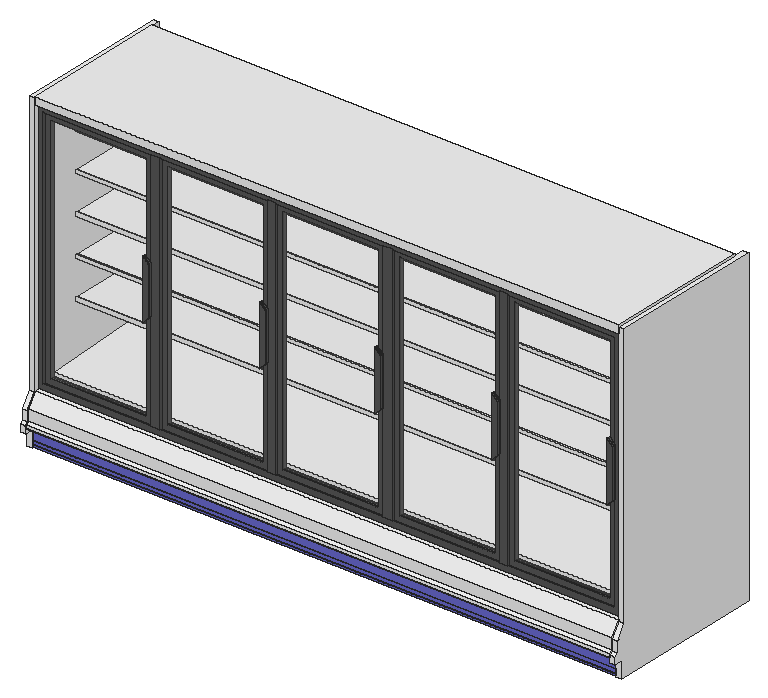
Revit family
Parameters (values of type "RL-5 Door Innov. II")
  Width = 150 3/8"
  Voltage [instance] = 120 V
  URL = "www.hussmann.com"
  Type Comments = "MT Reach-In Merchandiser"
  Temp Sensor [instance] = "Low Voltage"
  Telephone = no
  System Control [instance] = "1.00 A"
  Standard Right End Cap On/Off [instance] = yes
  Standard Left End Cap On/Off [instance] = yes
  Revit Family Dates = "3/6/12PMA(0911)"
  Refrigerant Suction Connection Diameter = 7/8"
  Refrigerant Liquid Connection Diameter = 3/8"
  Phase [instance] = 1
  Number of Shelves = 0
  Model = "RM-5"
  Mirrored Right End Cap On/Off [instance] = no
  Mirrored Left End Cap On/Off [instance] = no
  Manufacturer = "Hussmann Corporation"
  Linear Shelf Length = 0"
  Height = 82 3/8"
  Front Height = 13"
  Frequency [instance] = 60 Hz
  Finish_Top [instance] = none
  Finish_Shelf [instance] = Stainless Steel
  Finish_Handle = Metal Black-Door
  Finish_Glass [instance] = Glass 2
  Finish_Frame = Metal Black-Door
  Finish_Door [instance] = Metal Black-Door
  Finish_Case [instance] = Stainless Steel
  Finish_Bumper [instance] = Metal Blue-trim
  Finish_Base [instance] = Stainless Steel
  EMS = no
  Drain Pipe Size = "1 1/4\""
  Description = "Low Temperature Reach-in(Food or Ice Cream)"
  Depth = 43 3/4"
  Data = "N/A"
  Copper-Suction = Copper
  Copper-Liquid [instance] = Copper
  Case Lights Amps [instance] = "0.90 A"
  Case Lights [instance] = 0.9 A
  Case Fans-MCA [instance] = 2.7 A
  Case Fans (MCA) [instance] = "2.70 A"
  Assembly Code = ""
  Accessories/Options = ""
Reference planes (in)
  plane 1 "Center (Front/Back)": y = 0
  plane 2: z = 0
  plane 3: y = -41.625
  plane 4: z = 13
  plane 5: z = 80
  plane 6: z = 82
  plane 7: y = -32
  plane 8: y = -43.75
  plane 9: y = -40.75
  plane 10: x = -77.30699
  plane 11: x = 76.06801
  plane 12: y = -40
  plane 13: y = -39.25
  plane 14: y = -43.75
  plane 15: x = -0.61949
  plane 16: x = 71.06801
  plane 17: y = -32
  plane 18: y = -37
  plane 19: y = -34.625
Forms (in)
  Extrusion 1, solid, material "Stainless Steel" <- "Finish_Case"
    sketch origin (-77.30699, 0, 0) x (0, 1, 0) y (0, 0, 1)
      loop
        line (-5, 4.26162) -> (-2.5, 6.76162) -> (-2.5, 82) -> (-40.75, 82) -> (-40.75, 80) -> (-5.5, 80) -> (-5.5, 7.93702) -> (-32.09633, 7.00826) -> (-33.05546, 6.04913) -> (-36.55546, 6.04913) -> (-38.5, 7.99367) -> (-40.75, 7.99367) -> (-40.75, 5.99367) -> (-37.75, 4.26162) -> (-5, 4.26162)
    from 0 to 153.375
  Extrusion 2, solid, material "Stainless Steel" <- "Finish_Case"
    sketch origin (-77.30699, 0, 0) x (0, 1, 0) y (0, 0, 1)
      loop
        line (-37.25, 13) -> (-40.75, 12.69379) -> (-43.04431, 9.41718) -> (-43.04431, 6.66718) -> (-43.75, 5.96149) -> (-43.75, 5.08872) -> (-42.58027, 4.2259) -> (-40.75, 5.99367) -> (-40.75, 7.99367) -> (-37.25, 7.99367) -> (-37.25, 13)
    from 0 to 153.375
  Extrusion 3, solid, material "Stainless Steel" <- "Finish_Case"
    sketch origin (-77.30699, 0, 0) x (0, 1, 0) y (0, 0, 1)
      loop
        line (-2.5, 3.88662) -> (0, 3.88662) -> (0, 49.76162) -> (-2.5, 49.76162) -> (-2.5, 3.88662)
    from 0 to 153.375
  Extrusion 4, solid, material "Stainless Steel" <- "Finish_Case"
    sketch origin (-77.30699, 0, 0) x (0, 1, 0) y (0, 0, 1)
      loop
        line (-5.5, 80) -> (-33, 80) -> (-33, 78.93638) -> (-7.75, 78.49564) -> (-7.75, 7.85845) -> (-5.5, 7.93702) -> (-5.5, 80)
    from 0 to 153.375
  Extrusion 5, solid, material "Stainless Steel" <- "Finish_Base"
    sketch origin (-77.30699, 0, 0) x (0, 1, 0) y (0, 0, 1)
      loop
        line (-36.55546, 6.04913) -> (-33.05546, 6.04913) -> (-32.09633, 7.00826) -> (-7.75, 7.85845) -> (-7.75, 13.65118) -> (-30.30697, 13.65118) -> (-30.30697, 10.65118)
        arc (-30.30697, 10.65118) -> (-30.59986, 9.94407) -> (-31.30697, 9.65118) r 1
        line (-31.30697, 9.65118) -> (-32.55697, 9.65118)
        arc (-32.55697, 9.65118) -> (-33.26408, 9.94407) -> (-33.55697, 10.65118) r 1
        line (-33.55697, 10.65118) -> (-33.55697, 13.52897) -> (-37.25, 13) -> (-37.25, 7.99367) -> (-38.5, 7.99367) -> (-36.55546, 6.04913)
    from 0 to 153.375
  Extrusion 6, solid, material "Stainless Steel" <- "Finish_Shelf"
    sketch origin (-77.30699, 0, 0) x (0, 1, 0) y (0, 0, 1)
      loop
        line (-7.75, 64.26162) -> (-7.75, 68.01162) -> (-8.5, 68.01162) -> (-8.5, 69.01162) -> (-27.5, 69.01162) -> (-27.5, 69.26162) -> (-27.75, 69.26162) -> (-27.75, 68.26162) -> (-27.5, 68.26162) -> (-27.5, 68.76162) -> (-26, 68.76162) -> (-26, 68.51162) -> (-13.81963, 68.51162) -> (-7.75, 64.26162)
      loop
        line (-7.75, 54.26162) -> (-7.75, 58.01162) -> (-8.5, 58.01162) -> (-8.5, 59.01162) -> (-27.5, 59.01162) -> (-27.5, 59.26162) -> (-27.75, 59.26162) -> (-27.75, 58.26162) -> (-27.5, 58.26162) -> (-27.5, 58.76162) -> (-26, 58.76162) -> (-26, 58.51162) -> (-13.81963, 58.51162) -> (-7.75, 54.26162)
      loop
        line (-7.75, 44.26162) -> (-7.75, 48.01162) -> (-8.5, 48.01162) -> (-8.5, 49.01162) -> (-27.5, 49.01162) -> (-27.5, 49.26162) -> (-27.75, 49.26162) -> (-27.75, 48.26162) -> (-27.5, 48.26162) -> (-27.5, 48.76162) -> (-26, 48.76162) -> (-26, 48.51162) -> (-13.81963, 48.51162) -> (-7.75, 44.26162)
      loop
        line (-7.75, 34.26162) -> (-7.75, 38.01162) -> (-8.5, 38.01162) -> (-8.5, 39.01162) -> (-27.5, 39.01162) -> (-27.5, 39.26162) -> (-27.75, 39.26162) -> (-27.75, 38.26162) -> (-27.5, 38.26162) -> (-27.5, 38.76162) -> (-26, 38.76162) -> (-26, 38.51162) -> (-13.81963, 38.51162) -> (-7.75, 34.26162)
      loop
        line (-7.75, 24.26162) -> (-7.75, 28.01162) -> (-8.5, 28.01162) -> (-8.5, 29.01162) -> (-27.5, 29.01162) -> (-27.5, 29.26162) -> (-27.75, 29.26162) -> (-27.75, 28.26162) -> (-27.5, 28.26162) -> (-27.5, 28.76162) -> (-26, 28.76162) -> (-26, 28.51162) -> (-13.81963, 28.51162) -> (-7.75, 24.26162)
      loop
        line (-34.54319, 13.47728) -> (-7.75, 14.88146) -> (-7.75, 15.88283) -> (-34.54319, 14.47866) -> (-34.54319, 13.47728)
    from 0 to 153.375
  Sweep 7, solid, material "Metal Black-Door" <- "Finish_Frame"
    path origin (0, 0, 0) x (1, 0, 0) y (0, 0, 1)
      loop
        line (-77.30699, 80) -> (-77.30699, 13) -> (76.06801, 13) -> (76.06801, 80) -> (-77.30699, 80)
    profile origin (-0.61949, 0, 80) x (0, 0, 1) y (0, -1, 0)
      loop
        line (0, 40) -> (-1.5, 40) -> (-1.5, 38.5) -> (0, 38.5) -> (0, 40)
  Extrusion 8, solid, material "Metal Black-Door" <- "Finish_Frame"
    sketch origin (-45.22199, 0, 0) x (0, 1, 0) y (0, 0, 1)
      loop
        line (-40, 78.5) -> (-40, 14.5) -> (-38.5, 14.5) -> (-38.5, 78.5) -> (-40, 78.5)
    from 0.19 to -2.31
  Extrusion 9, solid, material "Metal Black-Door" <- "Finish_Frame"
    sketch origin (-14.94699, 0, 0) x (0, 1, 0) y (0, 0, 1)
      loop
        line (-40, 78.5) -> (-40, 14.5) -> (-38.5, 14.5) -> (-38.5, 78.5) -> (-40, 78.5)
    from 0.19 to -1.81
  Extrusion 10, solid, material "Metal Black-Door" <- "Finish_Frame"
    sketch origin (15.82801, 0, 0) x (0, 1, 0) y (0, 0, 1)
      loop
        line (-40, 78.5) -> (-40, 14.5) -> (-38.5, 14.5) -> (-38.5, 78.5) -> (-40, 78.5)
    from 0.19 to -2.31
  Extrusion 11, solid, material "Metal Black-Door" <- "Finish_Frame"
    sketch origin (46.10301, 0, 0) x (0, 1, 0) y (0, 0, 1)
      loop
        line (-40, 78.5) -> (-40, 14.5) -> (-38.5, 14.5) -> (-38.5, 78.5) -> (-40, 78.5)
    from 0.19 to -1.81
  Extrusion 12, solid, material "Metal Black-Door" <- "Finish_Door"
    sketch origin (0, -40, 0) x (0, 0, 1) y (1, 0, 0)
      loop
        line (78.5, -75.80699) -> (78.5, -47.53199) -> (14.5, -47.53199) -> (14.5, -75.80699) -> (78.5, -75.80699)
      loop
        line (77, -74.30699) -> (77, -49.03199) -> (16, -49.03199) -> (16, -74.30699) -> (77, -74.30699)
      loop
        line (78.5, -16.75699) -> (14.5, -16.75699) -> (14.5, -45.03199) -> (78.5, -45.03199) -> (78.5, -16.75699)
      loop
        line (77, -18.25699) -> (16, -18.25699) -> (16, -43.53199) -> (77, -43.53199) -> (77, -18.25699)
      loop
        line (78.5, -14.75699) -> (78.5, 13.51801) -> (14.5, 13.51801) -> (14.5, -14.75699) -> (78.5, -14.75699)
      loop
        line (77, -13.25699) -> (77, 12.01801) -> (16, 12.01801) -> (16, -13.25699) -> (77, -13.25699)
      loop
        line (78.5, 44.29301) -> (14.5, 44.29301) -> (14.5, 16.01801) -> (78.5, 16.01801) -> (78.5, 44.29301)
      loop
        line (77, 42.79301) -> (16, 42.79301) -> (16, 17.51801) -> (77, 17.51801) -> (77, 42.79301)
      loop
        line (78.5, 46.29301) -> (78.5, 74.56801) -> (14.5, 74.56801) -> (14.5, 46.29301) -> (78.5, 46.29301)
      loop
        line (77, 47.79301) -> (77, 73.06801) -> (16, 73.06801) -> (16, 47.79301) -> (77, 47.79301)
    from 0.5 to 1.5
  Extrusion 13, solid, material "Glass 2" <- "Finish_Glass"
    sketch origin (0, -39.25, 0) x (1, 0, 0) y (0, 0, 1)
      loop
        line (-74.30699, 77) -> (-74.30699, 16) -> (-49.03199, 16) -> (-49.03199, 77) -> (-74.30699, 77)
      loop
        line (-18.25699, 77) -> (-43.53199, 77) -> (-43.53199, 16) -> (-18.25699, 16) -> (-18.25699, 77)
      loop
        line (-13.25699, 77) -> (-13.25699, 16) -> (12.01801, 16) -> (12.01801, 77) -> (-13.25699, 77)
      loop
        line (42.79301, 77) -> (17.51801, 77) -> (17.51801, 16) -> (42.79301, 16) -> (42.79301, 77)
      loop
        line (47.79301, 77) -> (47.79301, 16) -> (73.06801, 16) -> (73.06801, 77) -> (47.79301, 77)
    from 0 to -0.19922
  Extrusion 14, solid, material "Metal Black-Door" <- "Finish_Handle"
    sketch origin (-34.88125, -3.125, 31.9375) x (1, 0, 0) y (0, 0, 1)
      loop
        line (-14.15074, 22.4375) -> (-14.15074, 22.08395) -> (-12.90074, 20.83395) -> (-12.90074, 8.29105) -> (-14.15074, 7.04105) -> (-14.15074, 6.6875) -> (-12.65074, 8.1875) -> (-12.65074, 20.9375) -> (-14.15074, 22.4375)
    from 36.875 to 37.375
  Extrusion 15, solid, material "Metal Black-Door" <- "Finish_Handle"
    sketch origin (-34.88125, -40.5, 31.9375) x (1, 0, 0) y (0, 0, 1)
      loop
        line (-12.65074, 20.9375) -> (-14.15074, 22.4375) -> (-14.15074, 6.6875) -> (-12.65074, 8.1875) -> (-12.65074, 20.9375)
    from 0.25 to 0
  Extrusion 16, solid, material "Metal Black-Door" <- "Finish_Handle"
    sketch origin (84.2193, -3.125, 31.9375) x (1, 0, 0) y (0, 0, 1)
      loop
        line (-11.15128, 22.4375) -> (-11.15128, 22.08395) -> (-9.90074, 20.83395) -> (-9.90074, 8.29105) -> (-11.15128, 7.04105) -> (-11.15128, 6.6875) -> (-9.65074, 8.1875) -> (-9.65074, 20.9375) -> (-11.15128, 22.4375)
    from 36.875 to 37.375
  Extrusion 17, solid, material "Metal Black-Door" <- "Finish_Handle"
    sketch origin (84.2193, -40.5, 31.9375) x (1, 0, 0) y (0, 0, 1)
      loop
        line (-9.65074, 20.9375) -> (-11.15128, 22.4375) -> (-11.15128, 6.6875) -> (-9.65074, 8.1875) -> (-9.65074, 20.9375)
    from 0.25 to 0
  Extrusion 18, solid, material "Stainless Steel"
    sketch origin (-75.80699, 0, 0) x (0, 1, 0) y (0, 0, 1)
      loop
        line (0, 3.88662) -> (-38.66016, 3.88662) -> (-38.66016, -0.375) -> (0, -0.375) -> (0, 3.88662)
    from 0 to -1.5
  Extrusion 19, solid, material "Stainless Steel"
    sketch origin (74.56801, 0, 0) x (0, 1, 0) y (0, 0, 1)
      loop
        line (0, 3.88662) -> (-38.66016, 3.88662) -> (-38.66016, -0.375) -> (0, -0.375) -> (0, 3.88662)
    from 0 to 1.5
  Extrusion 20, solid, material "Metal Blue-trim"
    sketch origin (-80.30699, 0, 0) x (0, 1, 0) y (0, 0, 1)
      loop
        line (-38.66016, 4.4121) -> (-39.66016, 4.98945) -> (-39.66016, 3.88662) -> (-41.375, 4.17797) -> (-41.375, 1.375) -> (-41.625, 1.375) -> (-41.625, 0.625) -> (-41.375, 0.625) -> (-41.375, 0.375) -> (-41.625, 0.375) -> (-41.625, -0.18496) -> (-39.66016, 0.15048) -> (-39.66016, -0.375) -> (-38.66016, -0.375) -> (-38.66016, 4.4121)
    from 3 to 156.375
  Extrusion 21, solid, material "Stainless Steel"
    sketch origin (-80.30699, 0, 0) x (0, 1, 0) y (0, 0, 1)
      loop
        line (-32, 1.38662) -> (0, 1.38662) -> (0, 3.88662) -> (-32, 3.88662) -> (-32, 1.38662)
    from 4.5 to 154.875
  Extrusion 22, solid, material "Stainless Steel"
    sketch origin (-75.80699, 0, 0) x (0, 1, 0) y (0, 0, 1)
      loop
        line (-0.5532, 1.38662) -> (-2.8032, 1.38662) -> (-2.8032, -0.375) -> (-0.5532, -0.375) -> (-0.5532, 1.38662)
      loop
        line (-31.4468, 1.38662) -> (-31.4468, -0.375) -> (-29.1968, -0.375) -> (-29.1968, 1.38662) -> (-31.4468, 1.38662)
    from 0 to 150.375
  Extrusion 23, solid
    sketch origin (-75.80699, 0, 0) x (0, 1, 0) y (0, 0, 1)
      loop
        line (-33, 78.93638) -> (-33, 77.93638) -> (-30, 77.93638) -> (-30, 78.88401) -> (-33, 78.93638)
    from 0 to 150.375
  Extrusion 24, solid, material "Metal Black-Door"
    sketch origin (-4.10625, -3.125, 31.9375) x (1, 0, 0) y (0, 0, 1)
      loop
        line (-14.15074, 22.4375) -> (-14.15074, 22.08395) -> (-12.90074, 20.83395) -> (-12.90074, 8.29105) -> (-14.15074, 7.04105) -> (-14.15074, 6.6875) -> (-12.65074, 8.1875) -> (-12.65074, 20.9375) -> (-14.15074, 22.4375)
    from 36.875 to 37.375
  Extrusion 25, solid, material "Metal Black-Door"
    sketch origin (-4.10625, -40.5, 31.9375) x (1, 0, 0) y (0, 0, 1)
      loop
        line (-12.65074, 20.9375) -> (-14.15074, 22.4375) -> (-14.15074, 6.6875) -> (-12.65074, 8.1875) -> (-12.65074, 20.9375)
    from 0.25 to 0
  Extrusion 26, solid, material "Metal Black-Door"
    sketch origin (23.16875, -3.125, 31.9375) x (1, 0, 0) y (0, 0, 1)
      loop
        line (-11.15074, 22.4375) -> (-11.15074, 22.08395) -> (-9.90074, 20.83395) -> (-9.90074, 8.29105) -> (-11.15074, 7.04105) -> (-11.15074, 6.6875) -> (-9.65074, 8.1875) -> (-9.65074, 20.9375) -> (-11.15074, 22.4375)
    from 36.875 to 37.375
  Extrusion 27, solid, material "Metal Black-Door"
    sketch origin (23.16875, -40.5, 31.9375) x (1, 0, 0) y (0, 0, 1)
      loop
        line (-9.65074, 20.9375) -> (-11.15074, 22.4375) -> (-11.15074, 6.6875) -> (-9.65074, 8.1875) -> (-9.65074, 20.9375)
    from 0.25 to 0
  Extrusion 28, solid, material "Metal Black-Door"
    sketch origin (53.9443, -3.125, 31.9375) x (1, 0, 0) y (0, 0, 1)
      loop
        line (-11.15128, 22.4375) -> (-11.15128, 22.08395) -> (-9.90074, 20.83395) -> (-9.90074, 8.29105) -> (-11.15128, 7.04105) -> (-11.15128, 6.6875) -> (-9.65074, 8.1875) -> (-9.65074, 20.9375) -> (-11.15128, 22.4375)
    from 36.875 to 37.375
  Extrusion 29, solid, material "Metal Black-Door"
    sketch origin (53.9443, -40.5, 31.9375) x (1, 0, 0) y (0, 0, 1)
      loop
        line (-9.65074, 20.9375) -> (-11.15128, 22.4375) -> (-11.15128, 6.6875) -> (-9.65074, 8.1875) -> (-9.65074, 20.9375)
    from 0.25 to 0
  Extrusion 30, solid, material "Glass 2"
    sketch origin (0, 5, -0.375) x (1, 0, 0) y (0, 1, 0)
      loop
        circle (71.06801, -42) r 0.375
      loop
        circle (71.06801, -42) r 0.36687
      loop
        circle (70.06801, -42) r 0.375
      loop
        circle (70.06801, -42) r 0.36687
      loop
        circle (69.06801, -42) r 0.375
      loop
        circle (69.06801, -42) r 0.36687
      loop
        circle (68.06801, -42) r 0.375
      loop
        circle (68.06801, -42) r 0.36687
    from 4.26162 to 3.51473
  Extrusion 31, solid, material "Drain"
    sketch origin (0, 0, -0.375) x (1, 0, 0) y (0, 1, 0)
      loop
        circle (-0.61949, -34.54319) r 0.625
      loop
        circle (-0.61949, -34.54319) r 0.5852
    from 6.42413 to 3.51473
  Extrusion 32, solid, material "Copper" <- "Copper-Suction"
    sketch origin (62.43999, 0, -0.375) x (1, 0, 0) y (0, 1, 0)
      loop
        circle (8.62802, -33) r 0.4375
      loop
        circle (8.62802, -33) r 0.41359
    from 4.26162 to 3.64579
  Extrusion 33, solid, material "Copper" <- "Copper-Liquid"
    sketch origin (62.43999, 0, -0.375) x (1, 0, 0) y (0, 1, 0)
      loop
        circle (7.05443, -33) r 0.1875
      loop
        circle (7.05443, -33) r 0.17284
    from 4.26162 to 3.64579
Lines and regions (in)
  symbolic lines
    curve 1: line (-77.30699, -43.75, -0.375) -> (-77.30699, 0, -0.375)
    curve 2: line (76.06801, 0, -0.375) -> (-77.30699, 0, -0.375)
    curve 3: line (76.06801, 0, -0.375) -> (76.06801, -43.75, -0.375)
    curve 4: line (-77.30699, -43.75, -0.375) -> (76.06801, -43.75, -0.375)
Dimensions and locks (in)
  plane 1 "Center (Front/Back)" to plane 3 = 41 5/8"
  "Depth": plane 1 "Center (Front/Back)" to plane 8
  plane 3 to plane 1 "Center (Front/Back)" = 41 5/8"
  plane 6 to level = 82 3/8"
  "Height": level to plane 6
  level to plane 4 = 13 3/8"
  plane 5 to plane 6 = 2"
  locked: plane 10 to plane 11 at 153.375
  locked: Extrusion 3 to plane 14 at 43.75
  plane 11 to plane 10 = 153 3/8"
  aligned and locked: Extrusion 15 sketch curve to Extrusion 14  (x4)
  aligned and locked: Extrusion 17 sketch curve to Extrusion 16  (x2)
  aligned and locked: Extrusion 16 to Extrusion 17 sketch curve  (x2)
  aligned and locked: Extrusion 25 sketch curve to Extrusion 24  (x2)
  aligned and locked: Extrusion 24 to Extrusion 25 sketch curve  (x2)
  aligned and locked: Extrusion 27 sketch curve to Extrusion 26  (x2)
  aligned and locked: Extrusion 26 to Extrusion 27 sketch curve  (x2)
  aligned and locked: Extrusion 29 sketch curve to Extrusion 28  (x2)
  aligned and locked: Extrusion 28 to Extrusion 29 sketch curve  (x2)
Automatic sketch dimensions
  Extrusion 1 sketch curve to plane 9 = 0"  (x2)
  Extrusion 1 sketch curve to plane 5 = 0"
  Extrusion 1 sketch curve to plane 6 = 0"
  Extrusion 1 sketch curve to plane 13 = 3/4"
  Extrusion 1 sketch curve to plane 13 = 1 1/2"
  Extrusion 1 sketch curve to Extrusion 1 sketch curve = 1.19454"
  plane 7 to Extrusion 1 sketch curve = 1.05546"
  plane 7 to Extrusion 1 sketch curve = 0.09633"
  plane 1 "Center (Front/Back)" to Extrusion 1 sketch curve = 5 1/2"
  Extrusion 1 sketch curve to Extrusion 1 sketch curve = 1/2"
  plane 1 "Center (Front/Back)" to Extrusion 1 sketch curve = 2 1/2"
  plane 4 to Extrusion 1 sketch curve = 5.00633"
  plane 4 to Extrusion 1 sketch curve = 5.06298"
  plane 4 to Extrusion 1 sketch curve = 5.99174"
  Extrusion 1 sketch curve to Extrusion 1 sketch curve = 1.1754"
  Extrusion 1 sketch curve to Extrusion 1 sketch curve = 1.94454"
  Extrusion 1 sketch curve to Extrusion 1 sketch curve = 2"
  Extrusion 1 sketch curve to Extrusion 1 sketch curve = 2 1/2"
  Extrusion 2 sketch curve to plane 8 = 0"
  Extrusion 2 sketch curve to plane 9 = 0"  (x2)
  Extrusion 2 sketch curve to plane 4 = 0"
  Extrusion 2 sketch curve to plane 8 = 0.70569"
  plane 3 to Extrusion 2 sketch curve = 0.95527"
  Extrusion 2 sketch curve to plane 13 = 2"
  plane 4 to Extrusion 2 sketch curve = 0.30621"
  plane 4 to Extrusion 2 sketch curve = 3.58282"
  Extrusion 2 sketch curve to Extrusion 2 sketch curve = 1.42351"
  Extrusion 2 sketch curve to Extrusion 2 sketch curve = 1.32649"
  Extrusion 2 sketch curve to Extrusion 2 sketch curve = 2"
  Extrusion 2 sketch curve to Extrusion 2 sketch curve = 0.70569"
  Extrusion 2 sketch curve to Extrusion 2 sketch curve = 0.87277"
  Extrusion 2 sketch curve to Extrusion 2 sketch curve = 0.86282"
  Extrusion 3 sketch curve to plane 1 "Center (Front/Back)" = 0"
  plane 1 "Center (Front/Back)" to Extrusion 3 sketch curve = 2 1/2"
  level to Extrusion 3 sketch curve = 4.26162"
  plane 5 to Extrusion 3 sketch curve = 30.23838"
  Extrusion 4 sketch curve to plane 5 = 0"
  plane 7 to Extrusion 4 sketch curve = 1"
  plane 1 "Center (Front/Back)" to Extrusion 4 sketch curve = 7 3/4"
  Extrusion 4 sketch curve to Extrusion 4 sketch curve = 2 1/4"
  Extrusion 4 sketch curve to Extrusion 4 sketch curve = 1.06362"
  plane 5 to Extrusion 4 sketch curve = 1.50436"
  plane 4 to Extrusion 4 sketch curve = 5.06298"
  Extrusion 4 sketch curve to Extrusion 4 sketch curve = 0.07857"
  Extrusion 5 sketch curve to plane 4 = 0"
  Extrusion 5 sketch curve to plane 13 = 3/4"
  Extrusion 5 sketch curve to plane 13 = 2"
  Extrusion 5 sketch curve to Extrusion 5 sketch curve = 0.69454"
  plane 7 to Extrusion 5 sketch curve = 1.55697"
  plane 7 to Extrusion 5 sketch curve = 1.05546"
  plane 7 to Extrusion 5 sketch curve = 0.55697"
  plane 7 to Extrusion 5 sketch curve = 0.09633"
  Extrusion 5 sketch curve to plane 7 = 0.69303"
  Extrusion 5 sketch curve to Extrusion 5 sketch curve = 1"
  Extrusion 5 sketch curve to plane 4 = 0.65118"
  plane 1 "Center (Front/Back)" to Extrusion 5 sketch curve = 7 3/4"
  plane 4 to Extrusion 5 sketch curve = 2.34882"
  plane 4 to Extrusion 5 sketch curve = 5.00633"
  plane 4 to Extrusion 5 sketch curve = 5.14155"
  Extrusion 5 sketch curve to Extrusion 5 sketch curve = 2.64293"
  Extrusion 5 sketch curve to Extrusion 5 sketch curve = 1.94454"
  Extrusion 5 sketch curve to plane 4 = 0.52897"
  Extrusion 6 sketch curve to plane 4 = 0.47728"
  plane 7 to Extrusion 6 sketch curve = 2.54319"
  Extrusion 6 sketch curve to plane 7 = 4 1/4"  (x5)
  Extrusion 6 sketch curve to Extrusion 6 sketch curve = 1/4"  (x17)
  Extrusion 6 sketch curve to Extrusion 6 sketch curve = 0"  (x6)
  Extrusion 6 sketch curve to Extrusion 6 sketch curve = 1 1/2"  (x5)
  Extrusion 6 sketch curve to Extrusion 6 sketch curve = 12.18037"
  Extrusion 6 sketch curve to Extrusion 6 sketch curve = 5.31963"  (x5)
  Extrusion 6 sketch curve to Extrusion 6 sketch curve = 3/4"  (x5)
  Extrusion 6 sketch curve to plane 4 = 1.88146"
  plane 1 "Center (Front/Back)" to Extrusion 6 sketch curve = 7 3/4"
  Extrusion 6 sketch curve to Extrusion 6 sketch curve = 1.00137"  (x2)
  Extrusion 6 sketch curve to Extrusion 6 sketch curve = 8.37879"
  Extrusion 6 sketch curve to Extrusion 6 sketch curve = 3 3/4"  (x5)
  Extrusion 6 sketch curve to plane 4 = 15.26162"
  Extrusion 6 sketch curve to Extrusion 6 sketch curve = 1/2"  (x8)
  Extrusion 6 sketch curve to Extrusion 6 sketch curve = 5 1/4"  (x4)
  Extrusion 6 sketch curve to Extrusion 6 sketch curve = 9"  (x4)
  Extrusion 6 sketch curve to Extrusion 6 sketch curve = 1"  (x3)
  Sweep 7 sketch curve to plane 4 = 0"
  Sweep 7 sketch curve to plane 10 = 0"
  Sweep 7 sketch curve to plane 11 = 0"
  Sweep 7 sketch curve to plane 5 = 0"
  Sweep 7 sketch curve to profile plane = 0"
  profile plane to Sweep 7 sketch curve = 1 1/2"
  plane 1 "Center (Front/Back)" to Sweep 7 sketch curve = 38 1/2"
  Sweep 7 sketch curve to Sweep 7 sketch curve = 1 1/2"
  Extrusion 8 sketch curve to plane 12 = 0"
  Extrusion 8 sketch curve to plane 13 = 3/4"
  Extrusion 8 sketch curve to plane 4 = 1 1/2"
  plane 5 to Extrusion 8 sketch curve = 1 1/2"
  Extrusion 9 sketch curve to plane 12 = 0"
  Extrusion 9 sketch curve to plane 13 = 3/4"
  Extrusion 9 sketch curve to plane 4 = 1 1/2"
  plane 5 to Extrusion 9 sketch curve = 1 1/2"
  Extrusion 10 sketch curve to plane 12 = 0"
  Extrusion 10 sketch curve to plane 13 = 3/4"
  Extrusion 10 sketch curve to plane 4 = 1 1/2"
  plane 5 to Extrusion 10 sketch curve = 1 1/2"
  Extrusion 11 sketch curve to plane 12 = 0"
  Extrusion 11 sketch curve to plane 13 = 3/4"
  Extrusion 11 sketch curve to plane 4 = 1 1/2"
  plane 5 to Extrusion 11 sketch curve = 1 1/2"
  Extrusion 14 sketch curve to Extrusion 14 sketch curve = 1/4"
  Extrusion 14 sketch curve to plane 4 = 25 5/8"
  Extrusion 14 sketch curve to Extrusion 14 sketch curve = 0.35355"  (x2)
  Extrusion 14 sketch curve to Extrusion 14 sketch curve = 1.14645"
  Extrusion 14 sketch curve to Extrusion 14 sketch curve = 0.10355"  (x2)
  Extrusion 14 sketch curve to Extrusion 14 sketch curve = 12.54289"
  Extrusion 14 sketch curve to Extrusion 14 sketch curve = 1 1/4"  (x2)
  Extrusion 16 sketch curve to Extrusion 16 sketch curve = 1/4"
  Extrusion 16 sketch curve to plane 4 = 25 5/8"
  Extrusion 16 sketch curve to Extrusion 16 sketch curve = 0.35355"  (x2)
  Extrusion 16 sketch curve to Extrusion 16 sketch curve = 1.14645"
  Extrusion 16 sketch curve to Extrusion 16 sketch curve = 0.10355"  (x2)
  Extrusion 16 sketch curve to Extrusion 16 sketch curve = 12.54289"
  Extrusion 16 sketch curve to Extrusion 16 sketch curve = 1 1/4"
  curve 1 to plane 10 = 0"
  curve 3 to plane 11 = 0"
  curve 2 to plane 1 "Center (Front/Back)" = 0"
  Extrusion 20 sketch curve to plane 3 = 0"  (x2)
  Extrusion 20 sketch curve to level = 0"
  Extrusion 20 sketch curve to plane 3 = 1/4"  (x2)
  plane 12 to Extrusion 20 sketch curve = 87/256"  (x2)
  Extrusion 20 sketch curve to plane 13 = 151/256"
  level to Extrusion 20 sketch curve = 0.19004"
  Extrusion 20 sketch curve to Extrusion 20 sketch curve = 0.52548"  (x2)
  Extrusion 20 sketch curve to Extrusion 20 sketch curve = 0.55996"
  Extrusion 20 sketch curve to Extrusion 20 sketch curve = 1/4"
  Extrusion 20 sketch curve to Extrusion 20 sketch curve = 3/4"
  Extrusion 20 sketch curve to Extrusion 20 sketch curve = 2.51162"
  Extrusion 20 sketch curve to Extrusion 20 sketch curve = 0.29135"
  Extrusion 20 sketch curve to Extrusion 20 sketch curve = 1.10283"
  Extrusion 21 sketch curve to plane 7 = 0"
  Extrusion 21 sketch curve to plane 1 "Center (Front/Back)" = 0"
  level to Extrusion 21 sketch curve = 1.76162"
  Extrusion 21 sketch curve to Extrusion 21 sketch curve = 2 1/2"
  Extrusion 22 sketch curve to level = 0"  (x2)
  Extrusion 22 sketch curve to plane 7 = 0.5532"
  Extrusion 22 sketch curve to Extrusion 22 sketch curve = 2 1/4"
  plane 1 "Center (Front/Back)" to Extrusion 22 sketch curve = 2.8032"
  plane 1 "Center (Front/Back)" to Extrusion 22 sketch curve = 0.5532"
  Extrusion 22 sketch curve to Extrusion 22 sketch curve = 1.76162"  (x2)
  plane 10 to Extrusion 14 sketch curve = 28.275"
  Extrusion 14 sketch curve to Extrusion 14 sketch curve = 0"
  Extrusion 16 sketch curve to Extrusion 16 sketch curve = 1.25055"  (x2)
  Extrusion 16 sketch curve to plane 11 = 3"
  curve 4 to plane 8 = 0"
  Extrusion 18 sketch curve to level = 0"
  Extrusion 18 sketch curve to plane 1 "Center (Front/Back)" = 0"
  Extrusion 18 sketch curve to plane 13 = 151/256"
  Extrusion 18 sketch curve to Extrusion 18 sketch curve = 4.26162"
  Extrusion 19 sketch curve to level = 0"
  Extrusion 19 sketch curve to plane 1 "Center (Front/Back)" = 0"
  Extrusion 19 sketch curve to plane 13 = 151/256"
  level to Extrusion 19 sketch curve = 4.26162"
  plane 7 to Extrusion 23 sketch curve = 1"
  Extrusion 23 sketch curve to plane 7 = 2"
  plane 5 to Extrusion 23 sketch curve = 2.06362"
  Extrusion 23 sketch curve to Extrusion 23 sketch curve = 0.94763"
  Extrusion 23 sketch curve to Extrusion 23 sketch curve = 1"
  Extrusion 12 sketch curve to plane 4 = 1 1/2"  (x5)
  Extrusion 12 sketch curve to Extrusion 12 sketch curve = 1 1/2"  (x14)
  plane 5 to Extrusion 12 sketch curve = 3"  (x5)
  plane 5 to Extrusion 12 sketch curve = 1 1/2"  (x5)
  plane 10 to Extrusion 12 sketch curve = 1 1/2"
  Extrusion 12 sketch curve to Extrusion 12 sketch curve = 25.275"  (x2)
  Extrusion 12 sketch curve to Extrusion 12 sketch curve = 2 1/2"  (x2)
  Extrusion 12 sketch curve to plane 15 = 17.6375"
  Extrusion 12 sketch curve to Extrusion 12 sketch curve = 2"  (x2)
  plane 15 to Extrusion 12 sketch curve = 12.6375"
  Extrusion 12 sketch curve to plane 11 = 3"
  Extrusion 12 sketch curve to plane 11 = 1 1/2"
  Extrusion 13 sketch curve to plane 4 = 3"  (x5)
  Extrusion 13 sketch curve to Extrusion 13 sketch curve = 25.275"  (x3)
  Extrusion 13 sketch curve to Extrusion 13 sketch curve = 5 1/2"  (x2)
  Extrusion 13 sketch curve to plane 15 = 17.6375"
  Extrusion 13 sketch curve to Extrusion 13 sketch curve = 5"  (x2)
  plane 15 to Extrusion 13 sketch curve = 12.6375"
  Extrusion 13 sketch curve to plane 11 = 3"
  plane 5 to Extrusion 13 sketch curve = 3"  (x5)
  Extrusion 24 sketch curve to plane 15 = 17.6375"
  Extrusion 24 sketch curve to Extrusion 24 sketch curve = 0"
  Extrusion 24 sketch curve to Extrusion 24 sketch curve = 1 1/4"  (x2)
  Extrusion 24 sketch curve to Extrusion 24 sketch curve = 1/4"
  Extrusion 24 sketch curve to plane 4 = 25 5/8"
  Extrusion 24 sketch curve to Extrusion 24 sketch curve = 0.35355"  (x2)
  Extrusion 24 sketch curve to Extrusion 24 sketch curve = 1.14645"
  Extrusion 24 sketch curve to Extrusion 24 sketch curve = 0.10355"  (x2)
  Extrusion 24 sketch curve to Extrusion 24 sketch curve = 12.54289"
  plane 15 to Extrusion 26 sketch curve = 12.6375"  (x2)
  Extrusion 26 sketch curve to Extrusion 26 sketch curve = 1 1/4"  (x2)
  Extrusion 26 sketch curve to Extrusion 26 sketch curve = 1/4"
  Extrusion 26 sketch curve to plane 4 = 25 5/8"
  Extrusion 26 sketch curve to Extrusion 26 sketch curve = 0.35355"  (x2)
  Extrusion 26 sketch curve to Extrusion 26 sketch curve = 1.14645"
  Extrusion 26 sketch curve to Extrusion 26 sketch curve = 0.10355"  (x2)
  Extrusion 26 sketch curve to Extrusion 26 sketch curve = 12.54289"
  Extrusion 28 sketch curve to plane 11 = 33.275"
  Extrusion 28 sketch curve to Extrusion 28 sketch curve = 0"
  Extrusion 28 sketch curve to Extrusion 28 sketch curve = 1.25055"
  Extrusion 28 sketch curve to Extrusion 28 sketch curve = 1/4"
  Extrusion 28 sketch curve to plane 4 = 25 5/8"
  Extrusion 28 sketch curve to Extrusion 28 sketch curve = 0.35355"  (x2)
  Extrusion 28 sketch curve to Extrusion 28 sketch curve = 1.14645"
  Extrusion 28 sketch curve to Extrusion 28 sketch curve = 0.10355"  (x2)
  Extrusion 28 sketch curve to Extrusion 28 sketch curve = 12.54289"
  Extrusion 28 sketch curve to Extrusion 28 sketch curve = 1 1/4"
  Extrusion 30 sketch curve to Extrusion 30 sketch curve = 0"  (x8)
  Extrusion 30 sketch curve to plane 18 = 0"  (x4)
  Extrusion 30 sketch curve to plane 16 = 0"
  Extrusion 30 sketch curve to Extrusion 30 sketch curve = 1"  (x3)
  Extrusion 31 sketch curve to Extrusion 31 sketch curve = 0"  (x2)
  Extrusion 31 sketch curve to plane 15 = 0"
  plane 19 to Extrusion 31 sketch curve = 0.08181"
  Extrusion 32 sketch curve to Extrusion 32 sketch curve = 0"  (x2)
  Extrusion 32 sketch curve to plane 16 = 0"
  plane 7 to Extrusion 32 sketch curve = 1"
  Extrusion 33 sketch curve to Extrusion 33 sketch curve = 0"  (x2)
  Extrusion 33 sketch curve to plane 16 = 1.57359"
  plane 7 to Extrusion 33 sketch curve = 1"
  radius of Extrusion 30 sketch curve = 3/8"  (x4)
  radius of Extrusion 30 sketch curve = 0.36687"  (x4)
  radius of Extrusion 31 sketch curve = 5/8"
  radius of Extrusion 31 sketch curve = 0.5852"
  radius of Extrusion 32 sketch curve = 7/16"
  radius of Extrusion 32 sketch curve = 0.41359"
  radius of Extrusion 33 sketch curve = 3/16"
  radius of Extrusion 33 sketch curve = 0.17284"
Nested families (in)
  nested 1: "Label Annotation 3-32" at (-0.61949, -8.1875, -0.375), type "Label Annotation 3-32"
  nested 2: "RL-INNOVATORII_END PANEL" at (-75.1875, 0, -0.375), visible <- "Standard Left End Cap On/Off", type "RL-End Panel Mirrored"
    with Serial Number "N/A", Remarks "N/A", Received By "N/A", Furnished By "N/A", Finish_Trim Stainless Steel 2, Finish_Top none, Finish_Shelf Stainless Steel, Finish_Glass Glass 2, Finish_Door Metal Black-Door, Finish_Case Stainless Steel, Finish_Bumper Metal Blue-trim, Finish_Base Stainless Steel, Final Hookup By "N/A", Assembled By "N/A"
  nested 3: "RL-INNOVATORII_END PANEL" at (79.6875, 0, -0.375), visible <- "Standard Right End Cap On/Off", type "RL-End Panel Mirrored"
    with Serial Number "N/A", Remarks "N/A", Received By "N/A", Furnished By "N/A", Finish_Trim Stainless Steel 2, Finish_Top none, Finish_Shelf Stainless Steel, Finish_Glass Glass 2, Finish_Door Metal Black-Door, Finish_Case Stainless Steel, Finish_Bumper Metal Blue-trim, Finish_Base Stainless Steel, Final Hookup By "N/A", Assembled By "N/A"
  nested 4: "RL-INNOVATORII_END CAP MIRRORED" at (-75.1875, 0, -0.375), visible <- "Mirrored Left End Cap On/Off", type "RL-End Panel Mirrored"
    with Serial Number "N/A", Remarks "N/A", Received By "N/A", Furnished By "N/A", Finish_Trim Stainless Steel 2, Finish_Top none, Finish_Shelf Stainless Steel, Finish_Glass Glass 2, Finish_Door Metal Black-Door, Finish_Case Stainless Steel, Finish_Bumper Metal Blue-trim, Finish_Base Stainless Steel, Final Hookup By "N/A", Assembled By "N/A"
  nested 5: "RL-INNOVATORII_END CAP MIRRORED" at (79.6875, 0, -0.375), visible <- "Mirrored Right End Cap On/Off", type "RL-End Panel Mirrored"
    with Serial Number "N/A", Remarks "N/A", Received By "N/A", Furnished By "N/A", Finish_Trim Stainless Steel 2, Finish_Top none, Finish_Shelf Stainless Steel, Finish_Glass Glass 2, Finish_Door Metal Black-Door, Finish_Case Stainless Steel, Finish_Bumper Metal Blue-trim, Finish_Base Stainless Steel, Final Hookup By "N/A", Assembled By "N/A"
Connectors (in)
  electrical at (71.06801, -37, 3.13973), driven by "Phase", driven by "Voltage", driven by "Case Fans (MCA)"
    settings: on Extrusion 30, index 3, voltage 120 V, apparent load 0 VA, apparent load phase1 0 VA, apparent load phase2 0 VA, apparent load phase3 0 VA, power factor 1, load classification "Power", number of poles 1, system type 30, power factor state 1, is connector primary yes, connector utility no, sub classification motor no, connector description "2.70 A"
  electrical at (70.06801, -37, 3.13973), driven by "Phase", driven by "Voltage", driven by "Case Lights Amps"
    settings: on Extrusion 30, index 4, voltage 120 V, apparent load 0 VA, apparent load phase1 0 VA, apparent load phase2 0 VA, apparent load phase3 0 VA, power factor 1, load classification "Power", number of poles 1, system type 30, power factor state 1, is connector primary no, connector utility no, sub classification motor no, connector description "0.90 A"
  piping at (-0.61949, -34.54319, 3.13973), driven by "Drain Pipe Size"
    settings: on Extrusion 31, index 8, connector radius 5/8", flow factor 0, pipe flow 0 GPM, pressure drop 0.00 psi, fitting loss kfactor 0, connector angle 0.00°, fixture units 0, flow configuration 0, flow direction 0, fitting loss method 0, system type 16, connector reference index -1, connector utility 0, adjustable connector no, is connector primary yes, fitting loss table "", connector description "1 1/4\""
  electrical at (69.06801, -37, 3.13973), driven by "System Control"
    settings: on Extrusion 30, index 9, voltage 0 V, apparent load 0 VA, apparent load phase1 0 VA, apparent load phase2 0 VA, apparent load phase3 0 VA, power factor 1, load classification "Other", number of poles 1, system type 13, power factor state 1, is connector primary no, connector utility no, sub classification motor no, connector description "1.00 A"
  electrical at (68.06801, -37, 3.13973), driven by "Temp Sensor"
    settings: on Extrusion 30, index 10, voltage 0 V, apparent load 0 VA, apparent load phase1 0 VA, apparent load phase2 0 VA, apparent load phase3 0 VA, power factor 1, load classification "Other", number of poles 1, system type 5, power factor state 1, is connector primary no, connector utility no, sub classification motor no, connector description "Low Voltage"
  piping at (71.06801, -33, 3.27079)
    settings: on Extrusion 32, index 11, connector radius 7/16", flow factor 0, pipe flow 0 GPM, pressure drop 0.00 psi, fitting loss kfactor 0, connector angle 0.00°, fixture units 0, flow configuration 0, flow direction 2, fitting loss method 0, system type 22, connector reference index -1, connector utility 0, adjustable connector no, is connector primary no, fitting loss table "", connector description "Refrig. Suction"
  piping at (69.49442, -33, 3.27079)
    settings: on Extrusion 33, index 12, connector radius 3/16", flow factor 0, pipe flow 0 GPM, pressure drop 0.00 psi, fitting loss kfactor 0, connector angle 0.00°, fixture units 0, flow configuration 0, flow direction 2, fitting loss method 0, system type 22, connector reference index -1, connector utility 0, adjustable connector no, is connector primary no, fitting loss table "", connector description "Refrig. Liquid"
Definition of nested family "RL-INNOVATORII_END PANEL"
  Parameters (values of type "RL-End Panel Mirrored")
    Width = 1 1/2"
    Watts = ""
    Volts = ""
    URL = "www.hussmann.com"
    Type Comments = "N/A"
    Telephone = no
    Serial Number [instance] = "N/A"
    Remarks [instance] = "N/A"
    Refrigerant Type = "N/A"
    Received By [instance] = "N/A"
    Prototype = no
    Power = "N/A"
    PO Template = no
    Number of Shelves = 0
    Model = "RL- Mirrored End Panel"
    Manufacturer = "Hussmann"
    Linear Shelf Length = 0"
    Item = "N/A"
    Install Date - Actual = "N/A"
    Install Data - Projected = "N/A"
    Hot Water = no
    Height = 82"
    HP = ""
    Gas Type = "N/A"
    Gas Pipe Size = "N/A"
    Furnished By [instance] = "N/A"
    Front Height = 0"
    Finish_Trim [instance] = Stainless Steel 2
    Finish_Top [instance] = none
    Finish_Shelf [instance] = Stainless Steel
    Finish_Handle = Metal Black-Door
    Finish_Glass [instance] = Glass 2
    Finish_Frame = Metal Black-Door
    Finish_Door [instance] = Metal Black-Door
    Finish_Case [instance] = Stainless Steel
    Finish_Bumper [instance] = Metal Blue-trim
    Finish_Base [instance] = Stainless Steel
    Final Hookup By [instance] = "N/A"
    Evap Temp = ""
    EMS = no
    Drain Pipe Size = "N/A"
    Divisional Use = "N/A"
    Description 2 = "Impact Merchandiser"
    Description = "Low Temperature Reach-in(Food or Ice Cream)"
    Depth = 43 3/4"
    Data = "N/A"
    Cold Water = no
    Class Code = "N/A"
    Category = "N/A"
    BTU Rating = "N/A"
    Assembly Code = "E1090320"
    Assembled By [instance] = "N/A"
    Amps = ""
    Accessories/Options = "N/A"
  Reference planes (in)
    plane 1 "Center (Front/Back)": y = 0
    plane 2: z = 0
    plane 3: y = -43.75
  Forms (in)
    Extrusion 1, solid, material "Stainless Steel" <- "Finish_Case"
      sketch origin (-3.61949, 0, 0) x (0, 1, 0) y (0, 0, 1)
        loop
          line (0, 82) -> (-40.75, 82) -> (-40.75, 12.69379) -> (-43.04431, 9.41718) -> (-43.04431, 6.66718) -> (-43.75, 5.96149) -> (-43.75, 4.2259) -> (-41.5625, 4.2259) -> (-41.5625, 0) -> (0, 0) -> (0, 82)
      from 0 to 1.5
  Lines and regions (in)
    symbolic lines
      curve 1: line (-3.61949, 0, 0) -> (-2.11949, 0, 0)
      curve 2: line (-3.61949, -43.75, 0) -> (-3.61949, 0, 0)
      curve 3: line (-2.11949, -43.75, 0) -> (-3.61949, -43.75, 0)
      curve 4: line (-2.11949, 0, 0) -> (-2.11949, -43.75, 0)
  Dimensions and locks (in)
    plane 3 to plane 1 "Center (Front/Back)" = 43 3/4"
    Extrusion 1 to Extrusion 1 = 1 1/2"
    locked: Extrusion 1 to Extrusion 1 at 1.5  (x2)
    locked: Extrusion 1 to level at 82
    locked: plane 1 "Center (Front/Back)" to plane 3 at 43.75
    aligned: curve 1 to Extrusion 1  (x2)
    aligned: curve 4 to Extrusion 1  (x2)
Definition of nested family "RL-INNOVATORII_END CAP MIRRORED"
  Parameters (values of type "RL-End Panel Mirrored")
    Width = 1 1/2"
    Watts = ""
    Volts = ""
    URL = "www.hussmann.com"
    Type Comments = "N/A"
    Telephone = no
    Serial Number [instance] = "N/A"
    Remarks [instance] = "N/A"
    Refrigerant Type = "N/A"
    Received By [instance] = "N/A"
    Prototype = no
    Power = "N/A"
    PO Template = no
    Number of Shelves = 0
    Model = "RL- Mirrored End Panel"
    Manufacturer = "Hussmann"
    Linear Shelf Length = 0"
    Item = "N/A"
    Install Date - Actual = "N/A"
    Install Data - Projected = "N/A"
    Hot Water = no
    Height = 82"
    HP = ""
    Gas Type = "N/A"
    Gas Pipe Size = "N/A"
    Furnished By [instance] = "N/A"
    Front Height = 0"
    Finish_Trim [instance] = Stainless Steel 2
    Finish_Top [instance] = none
    Finish_Shelf [instance] = Stainless Steel
    Finish_Handle = Metal Black-Door
    Finish_Glass [instance] = Glass 2
    Finish_Frame = Metal Black-Door
    Finish_Door [instance] = Metal Black-Door
    Finish_Case [instance] = Stainless Steel
    Finish_Bumper [instance] = Metal Blue-trim
    Finish_Base [instance] = Stainless Steel
    Final Hookup By [instance] = "N/A"
    Evap Temp = ""
    EMS = no
    Drain Pipe Size = "N/A"
    Divisional Use = "N/A"
    Description 2 = "Impact Merchandiser"
    Description = "Low Temperature Reach-in(Food or Ice Cream)"
    Depth = 43 3/4"
    Data = "N/A"
    Cold Water = no
    Class Code = "N/A"
    Category = "N/A"
    BTU Rating = "N/A"
    Assembly Code = "E1090320"
    Assembled By [instance] = "N/A"
    Amps = ""
    Accessories/Options = "N/A"
  Reference planes (in)
    plane 1 "Center (Front/Back)": y = 0
    plane 2: z = 0
    plane 3: y = -43.75
  Forms (in)
    Extrusion 1, solid, material "Stainless Steel" <- "Finish_Case"
      sketch origin (-3.61949, 0, 0) x (0, 1, 0) y (0, 0, 1)
        loop
          line (0, 82) -> (-40.75, 82) -> (-40.75, 12.69379) -> (-43.04431, 9.41718) -> (-43.04431, 6.66718) -> (-43.75, 5.96149) -> (-43.75, 4.2259) -> (-41.5625, 4.2259) -> (-41.5625, 0) -> (0, 0) -> (0, 82)
      from 0 to 1.5
  Lines and regions (in)
    symbolic lines
      curve 1: line (-3.61949, 0, 0) -> (-2.11949, 0, 0)
      curve 2: line (-3.61949, -43.75, 0) -> (-3.61949, 0, 0)
      curve 3: line (-2.11949, -43.75, 0) -> (-3.61949, -43.75, 0)
      curve 4: line (-2.11949, 0, 0) -> (-2.11949, -43.75, 0)
  Dimensions and locks (in)
    plane 3 to plane 1 "Center (Front/Back)" = 43 3/4"
    Extrusion 1 to Extrusion 1 = 1 1/2"
    locked: Extrusion 1 to Extrusion 1 at 1.5  (x2)
    locked: Extrusion 1 to level at 82
    locked: plane 1 "Center (Front/Back)" to plane 3 at 43.75
    aligned: curve 1 to Extrusion 1  (x2)
    aligned: curve 4 to Extrusion 1  (x2)
Definition of nested family "Label Annotation 3-32"
  Parameters
    Label = ""
  Reference planes (in)
    plane 1: y = 0
    plane 2: x = 0
  Text (in)
    label "Label" at (0.00375, -0.00345, 0), shows "Label"
